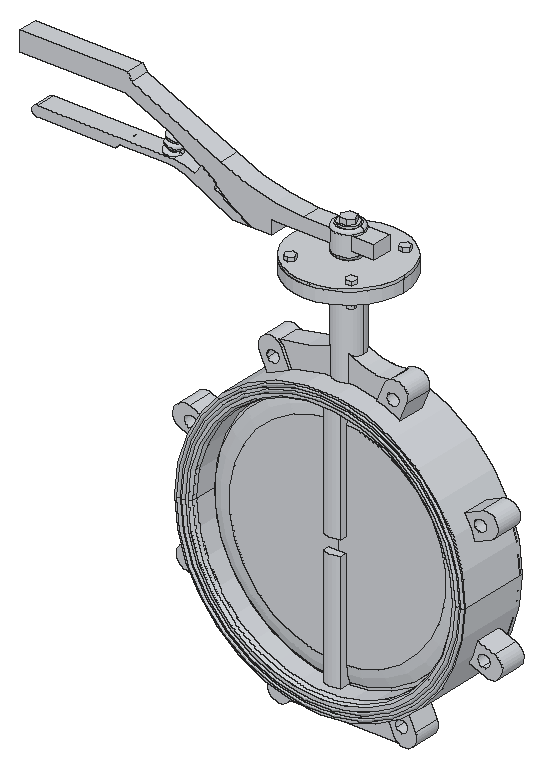
Revit family "R59FLX015", category Plumbing Fixtures, Revit 2015
Reference planes
  plane 1 "Center (Front/Back)": y = 0
  plane 2: z = 0
  plane 3 "Center (Left/Right)": x = 0
  plane 4: z = 202
  plane 5: x = -260
  plane 6: z = 279
  plane 7: z = -132
  plane 8: z = -30
  plane 9: z = 232
  plane 10: y = -28.488
  plane 11: y = 28.012
Forms (mm)
  Extrusion 1, solid
    sketch origin (0, 0, 192) x (1, 0, 0) y (0, 1, 0)
      loop
        circle (0, 0) r 45
    from 0 to 10
  Extrusion 2, solid
    sketch origin (0, 45.948, -78.573) x (1, 0, 0) y (0, 0, 1)
      loop
        arc (-96.679, 319.319) -> (-132.67, 336.792) -> (-169.654, 352.049) r 659.286
        line (-169.654, 352.049) -> (-172.843, 357.573) -> (-260, 357.573) -> (-260, 341.853) -> (-174.471, 341.853)
        arc (-174.471, 341.853) -> (-122.152, 316.93) -> (-77.024, 280.573) r 248.649
        line (-77.024, 280.573) -> (-55.568, 280.573) -> (-55.568, 291.199) -> (26.878, 291.199) -> (26.878, 302.179) -> (-30.767, 302.179)
        arc (-30.767, 302.179) -> (-64.704, 306.978) -> (-96.679, 319.319) r 150.722
    from 37.966 to 54.11
  Extrusion 3, solid
    sketch origin (-37.783, 45.948, -148.087) x (1, 0, 0) y (0, 0, 1)
      loop
        line (-98.516, 377.301) -> (-208.006, 377.301)
        arc (-208.006, 377.301) -> (-212.274, 373.033) -> (-208.006, 368.766) r 4.268
        line (-208.006, 368.766) -> (-144.475, 368.766) -> (-140.939, 372.301) -> (-103.305, 372.301)
        arc (-103.305, 372.301) -> (-95.507, 371.471) -> (-88.058, 369.019) r 37.057
        arc (-88.058, 369.019) -> (-68.407, 360.05) -> (-49.241, 350.087) r 421.945
        line (-49.241, 350.087) -> (-34.866, 350.087)
        arc (-34.866, 350.087) -> (-48.985, 359.43) -> (-64, 367.252) r 162.429
        line (-64, 367.252) -> (-63.437, 371.843) -> (-74.98, 380.231) -> (-80.609, 372.485)
        arc (-80.609, 372.485) -> (-89.36, 375.646) -> (-98.516, 377.301) r 55.494
    from 37.966 to 54.11
  Extrusion 4, solid
    sketch origin (0, 0, -76.95) x (1, 0, 0) y (0, 1, 0)
      loop
        circle (0, 0) r 12
    from 189.916 to 268.95
  Revolve 5, solid
    sketch origin (0, 0, 0) x (0, 1, 0) y (0, 0, 1)
      loop
        line (11.11, 0) -> (-11.11, 0) -> (-11.11, -87.859)
        arc (-11.11, -87.859) -> (-10.226, -95.008) -> (-8, -101.859) r 37.743
        line (-8, -101.859) -> (-6, -101.859) -> (-6, -104.859) -> (0, -104.859) -> (6, -104.859) -> (6, -101.859) -> (8, -101.859)
        arc (8, -101.859) -> (10.226, -95.008) -> (11.11, -87.859) r 37.743
        line (11.11, -87.859) -> (11.11, 0)
      axis (11.11, 0) -> (-11.11, 0)
    angle from 0 to 360
  Blend 6, solid
    base sketch origin (0, 0, -4.163) x (1, 0, 0) y (0, 1, 0)
      loop
        line (-6.883, 16.4) -> (-6.883, -16.4)
        arc (-6.883, -16.4) -> (0, -18.078) -> (6.883, -16.4) r 14.953
        line (6.883, -16.4) -> (6.883, 16.4)
        arc (6.883, 16.4) -> (0, 18.078) -> (-6.883, 16.4) r 14.953
    top sketch origin (0, 0, 0) x (1, 0, 0) y (0, 1, 0)
      loop
        line (-6.883, 16.4) -> (-6.883, -16.4)
        arc (-6.883, -16.4) -> (0, -18.078) -> (6.883, -16.4) r 14.953
        line (6.883, -16.4) -> (6.883, 16.4)
        arc (6.883, 16.4) -> (0, 18.078) -> (-6.883, 16.4) r 14.953
    from 10.163 to 101.689
  Blend 7, solid
    base sketch origin (0, 0, -38.601) x (0, -1, 0) y (1, 0, 0)
      loop
        line (-16.4, -6.883) -> (16.4, -6.883)
        arc (16.4, -6.883) -> (18.078, 0) -> (16.4, 6.883) r 14.953
        line (16.4, 6.883) -> (-16.4, 6.883)
        arc (-16.4, 6.883) -> (-18.078, 0) -> (-16.4, -6.883) r 14.953
    top sketch origin (0, 0, -35.117) x (0, -1, 0) y (1, 0, 0)
      loop
        line (-16.4, -6.883) -> (16.4, -6.883)
        arc (16.4, -6.883) -> (18.078, 0) -> (16.4, 6.883) r 14.953
        line (16.4, 6.883) -> (-16.4, 6.883)
        arc (-16.4, 6.883) -> (-18.078, 0) -> (-16.4, -6.883) r 14.953
    from -63.702 to 29.117
  Extrusion 8, solid
    sketch origin (-23.545, 0, 49.172) x (0.99863, 0, -0.052336) y (0.052336, 0, 0.99863)
      loop
        line (-18.251, 60.114) -> (-25.459, 74.264)
        arc (-25.459, 74.264) -> (-38.908, 78.635) -> (-43.28, 65.186) r 10
        line (-43.28, 65.186) -> (-36.072, 51.036) -> (-18.251, 60.114)
      loop
        circle (-32.1, 65.269) r 5
    from -10.546 to 10.991
  Extrusion 9, solid
    sketch origin (18.121, 0, 51.419) x (0.669131, 0, -0.743145) y (0.743145, 0, 0.669131)
      loop
        line (-18.251, 60.114) -> (-25.459, 74.264)
        arc (-25.459, 74.264) -> (-38.908, 78.635) -> (-43.28, 65.186) r 10
        line (-43.28, 65.186) -> (-36.072, 51.036) -> (-18.251, 60.114)
      loop
        circle (-32.1, 65.269) r 5
    from -10.546 to 10.991
  Extrusion 10, solid
    sketch origin (49.172, 0, 23.545) x (-0.052336, 0, -0.99863) y (0.99863, 0, -0.052336)
      loop
        line (-18.251, 60.114) -> (-25.459, 74.264)
        arc (-25.459, 74.264) -> (-38.908, 78.635) -> (-43.28, 65.186) r 10
        line (-43.28, 65.186) -> (-36.072, 51.036) -> (-18.251, 60.114)
      loop
        circle (-32.1, 65.269) r 5
    from -10.546 to 10.991
  Extrusion 11, solid
    sketch origin (51.419, 0, -18.121) x (-0.743145, 0, -0.669131) y (0.669131, 0, -0.743145)
      loop
        line (-18.251, 60.114) -> (-25.459, 74.264)
        arc (-25.459, 74.264) -> (-38.908, 78.635) -> (-43.28, 65.186) r 10
        line (-43.28, 65.186) -> (-36.072, 51.036) -> (-18.251, 60.114)
      loop
        circle (-32.1, 65.269) r 5
    from -10.546 to 10.991
  Extrusion 12, solid
    sketch origin (23.545, 0, -49.172) x (-0.99863, 0, 0.052336) y (-0.052336, 0, -0.99863)
      loop
        line (-18.251, 60.114) -> (-25.459, 74.264)
        arc (-25.459, 74.264) -> (-38.908, 78.635) -> (-43.28, 65.186) r 10
        line (-43.28, 65.186) -> (-36.072, 51.036) -> (-18.251, 60.114)
      loop
        circle (-32.1, 65.269) r 5
    from -10.546 to 10.991
  Extrusion 13, solid
    sketch origin (-18.121, 0, -51.419) x (-0.669131, 0, 0.743145) y (-0.743145, 0, -0.669131)
      loop
        line (-18.251, 60.114) -> (-25.459, 74.264)
        arc (-25.459, 74.264) -> (-38.908, 78.635) -> (-43.28, 65.186) r 10
        line (-43.28, 65.186) -> (-36.072, 51.036) -> (-18.251, 60.114)
      loop
        circle (-32.1, 65.269) r 5
    from -10.546 to 10.991
  Extrusion 14, solid
    sketch origin (-49.172, 0, -23.545) x (0.052336, 0, 0.99863) y (-0.99863, 0, 0.052336)
      loop
        line (-18.251, 60.114) -> (-25.459, 74.264)
        arc (-25.459, 74.264) -> (-38.908, 78.635) -> (-43.28, 65.186) r 10
        line (-43.28, 65.186) -> (-36.072, 51.036) -> (-18.251, 60.114)
      loop
        circle (-32.1, 65.269) r 5
    from -10.546 to 10.991
  Extrusion 15, solid
    sketch origin (-51.419, 0, 18.121) x (0.743145, 0, 0.669131) y (-0.669131, 0, 0.743145)
      loop
        line (-18.251, 60.114) -> (-25.459, 74.264)
        arc (-25.459, 74.264) -> (-38.908, 78.635) -> (-43.28, 65.186) r 10
        line (-43.28, 65.186) -> (-36.072, 51.036) -> (-18.251, 60.114)
      loop
        circle (-32.1, 65.269) r 5
    from -10.546 to 10.991
  Extrusion 16, solid
    sketch origin (99.126, -27.447, 204) x (0, -1, 0) y (1, 0, 0)
      loop
        line (3.99, -123.113) -> (0.805, -120.344) -> (-3.184, -121.718) -> (-3.99, -125.86) -> (-0.805, -128.628) -> (3.184, -127.254) -> (3.99, -123.113)
    from 0 to 3
  Extrusion 17, solid
    sketch origin (99.126, -27.447, 184) x (0, -1, 0) y (1, 0, 0)
      loop
        circle (0, -124.486) r 3
    from 2.505 to 20
  Extrusion 18, solid
    sketch origin (99.126, -27.447, 191) x (0, -1, 0) y (1, 0, 0)
      loop
        line (3.99, -123.113) -> (0.805, -120.344) -> (-3.184, -121.718) -> (-3.99, -125.86) -> (-0.805, -128.628) -> (3.184, -127.254) -> (3.99, -123.113)
      loop
        line (-3.444, -125.672) -> (-0.695, -128.061) -> (2.749, -126.876) -> (3.444, -123.301) -> (0.695, -120.911) -> (-2.749, -122.097) -> (-3.444, -125.672)
    from -1.968 to 1
  Extrusion 19, solid, not visible
    sketch origin (26.117, -96.518, 104.233) x (0, -1, 0) y (1, 0, 0)
      loop
        line (3.99, -123.113) -> (0.805, -120.344) -> (-3.184, -121.718) -> (-3.99, -125.86) -> (-0.805, -128.628) -> (3.184, -127.254) -> (3.99, -123.113)
    from 0 to 3
  Extrusion 20, solid, not visible
    sketch origin (26.117, -96.518, 84.233) x (0, -1, 0) y (1, 0, 0)
      loop
        circle (0, -124.486) r 3
    from 2.505 to 20
  Extrusion 21, solid, not visible
    sketch origin (26.117, -96.518, 91.233) x (0, -1, 0) y (1, 0, 0)
      loop
        line (3.99, -123.113) -> (0.805, -120.344) -> (-3.184, -121.718) -> (-3.99, -125.86) -> (-0.805, -128.628) -> (3.184, -127.254) -> (3.99, -123.113)
      loop
        line (-3.444, -125.672) -> (-0.695, -128.061) -> (2.749, -126.876) -> (3.444, -123.301) -> (0.695, -120.911) -> (-2.749, -122.097) -> (-3.444, -125.672)
    from -1.968 to 1
  Extrusion 22, solid
    sketch origin (0, 0, 202) x (1, 0, 0) y (0, 1, 0)
      loop
        circle (0, 0) r 45
    from 0 to 2
  Extrusion 23, solid
    sketch origin (99.126, -27.447, 204) x (0, -1, 0) y (1, 0, 0)
      loop
        line (-58.884, -123.113) -> (-58.079, -127.254) -> (-54.09, -128.628) -> (-50.905, -125.86) -> (-51.71, -121.718) -> (-55.7, -120.344) -> (-58.884, -123.113)
    from 0 to 3
  Extrusion 24, solid
    sketch origin (99.126, -27.447, 184) x (0, -1, 0) y (1, 0, 0)
      loop
        circle (-54.895, -124.486) r 3
    from 2.505 to 20
  Extrusion 25, solid
    sketch origin (99.126, -27.447, 191) x (0, -1, 0) y (1, 0, 0)
      loop
        line (-58.884, -123.113) -> (-58.079, -127.254) -> (-54.09, -128.628) -> (-50.905, -125.86) -> (-51.71, -121.718) -> (-55.7, -120.344) -> (-58.884, -123.113)
      loop
        line (-51.451, -125.672) -> (-52.146, -122.097) -> (-55.59, -120.911) -> (-58.339, -123.301) -> (-57.644, -126.876) -> (-54.2, -128.061) -> (-51.451, -125.672)
    from -1.968 to 1
  Extrusion 26, solid
    sketch origin (-100.376, 27.447, 204) x (0, 1, 0) y (-1, 0, 0)
      loop
        line (-58.884, -123.113) -> (-58.079, -127.254) -> (-54.09, -128.628) -> (-50.905, -125.86) -> (-51.71, -121.718) -> (-55.7, -120.344) -> (-58.884, -123.113)
    from 0 to 3
  Extrusion 27, solid
    sketch origin (-100.376, 27.447, 184) x (0, 1, 0) y (-1, 0, 0)
      loop
        circle (-54.895, -124.486) r 3
    from 2.505 to 20
  Extrusion 28, solid
    sketch origin (-100.376, 27.447, 191) x (0, 1, 0) y (-1, 0, 0)
      loop
        line (-58.884, -123.113) -> (-58.079, -127.254) -> (-54.09, -128.628) -> (-50.905, -125.86) -> (-51.71, -121.718) -> (-55.7, -120.344) -> (-58.884, -123.113)
      loop
        line (-51.451, -125.672) -> (-52.146, -122.097) -> (-55.59, -120.911) -> (-58.339, -123.301) -> (-57.644, -126.876) -> (-54.2, -128.061) -> (-51.451, -125.672)
    from -1.968 to 1
  Extrusion 29, solid
    sketch origin (-100.376, 27.447, 204) x (0, 1, 0) y (-1, 0, 0)
      loop
        line (3.99, -123.113) -> (0.805, -120.344) -> (-3.184, -121.718) -> (-3.99, -125.86) -> (-0.805, -128.628) -> (3.184, -127.254) -> (3.99, -123.113)
    from 0 to 3
  Extrusion 30, solid
    sketch origin (-100.376, 27.447, 184) x (0, 1, 0) y (-1, 0, 0)
      loop
        circle (0, -124.486) r 3
    from 2.505 to 20
  Extrusion 31, solid
    sketch origin (-100.376, 27.447, 191) x (0, 1, 0) y (-1, 0, 0)
      loop
        line (3.99, -123.113) -> (0.805, -120.344) -> (-3.184, -121.718) -> (-3.99, -125.86) -> (-0.805, -128.628) -> (3.184, -127.254) -> (3.99, -123.113)
      loop
        line (-3.444, -125.672) -> (-0.695, -128.061) -> (2.749, -126.876) -> (3.444, -123.301) -> (0.695, -120.911) -> (-2.749, -122.097) -> (-3.444, -125.672)
    from -1.968 to 1
  Extrusion 32, solid
    sketch origin (125.063, -27.447, 229.144) x (0, -1, 0) y (1, 0, 0)
      loop
        line (-32.638, -122.069) -> (-32.638, -128.062) -> (-27.447, -131.059) -> (-22.257, -128.062) -> (-22.257, -122.069) -> (-27.447, -119.072) -> (-32.638, -122.069)
    from -1.014 to 2.856
  Extrusion 33, solid
    sketch origin (124.477, -54.895, 224.2) x (0, -1, 0) y (1, 0, 0)
      loop
        circle (-54.895, -124.486) r 8
    from -22.2 to 3.931
  Sweep 34, solid
    path origin (0, 0, 0) x (1, 0, 0) y (0, 0, 1)
      loop
        circle (0, 0) r 118
    profile origin (0, 0, -118) x (0, 0, 1) y (0, -1, 0)
      loop
        line (13.454, -22.173) -> (13.454, 22.649) -> (12.517, 26.146) -> (10.888, 28.488) -> (8.03, 28.488)
        arc (8.03, 28.488) -> (7.017, 29.502) -> (6.003, 28.488) r 1.014
        line (6.003, 28.488) -> (3.792, 28.488)
        arc (3.792, 28.488) -> (2.779, 29.502) -> (1.765, 28.488) r 1.014
        line (1.765, 28.488) -> (0, 28.488) -> (0, -28.012) -> (1.765, -28.012)
        arc (1.765, -28.012) -> (2.779, -29.026) -> (3.792, -28.012) r 1.014
        line (3.792, -28.012) -> (6.003, -28.012)
        arc (6.003, -28.012) -> (7.017, -29.026) -> (8.03, -28.012) r 1.014
        line (8.03, -28.012) -> (10.888, -28.012) -> (12.517, -25.67) -> (13.454, -22.173)
  Extrusion 35, solid
    sketch origin (0, 0, 52.465) x (1, 0, 0) y (0, 0, 1)
      loop
        line (-40.68, 57.237) -> (33.443, 57.237) -> (41.819, 79.049)
        arc (41.819, 79.049) -> (20.604, 80.114) -> (1.583, 89.569) r 52.027
        line (1.583, 89.569) -> (1.583, 72.112) -> (-1.691, 72.112) -> (-1.691, 88.638)
        arc (-1.691, 88.638) -> (-25.119, 81.168) -> (-49.27, 76.538) r 206.352
        line (-49.27, 76.538) -> (-40.68, 57.237)
    from -7.881 to 9.454
  Extrusion 36, solid
    sketch origin (-2.813, 0.293, -41.182) x (1, 0, 0) y (0, 0, 1)
      loop
        line (52.651, -88.641) -> (43.835, -68.839) -> (-30.192, -68.839) -> (-37.796, -88.641) -> (52.651, -88.641)
    from -9.388 to 9.974
  Revolve 37, solid
    sketch origin (0, 0, 62) x (1, 0, 0) y (0, 0, 1)
      loop
        line (-9.486, 143.746) -> (0, 143.746) -> (0, 165) -> (-9.486, 165)
        arc (-9.486, 165) -> (-11.259, 164.265) -> (-11.994, 162.492) r 2.508
        line (-11.994, 162.492) -> (-11.994, 146.254)
        arc (-11.994, 146.254) -> (-11.259, 144.481) -> (-9.486, 143.746) r 2.508
      axis (0, 143.746) -> (0, 165)
    angle from 0 to 360
  Sweep 38, solid
    path origin (-48.156, 0, 228.496) x (0.978732, 0, -0.205142) y (0, 1, 0)
      loop
        circle (-92.344, 0) r 5
    profile origin (-138.536, 5, 247.439) x (0, -1, 0) y (0.205142, 0, 0.978732)
      loop
        circle (0, 0) r 2
  Sweep 39, solid
    path origin (-49.24, 0, 222.236) x (0.978732, 0, -0.205142) y (0, 1, 0)
      loop
        circle (-92.344, 0) r 5
    profile origin (-139.62, 5, 241.18) x (0, -1, 0) y (0.205142, 0, 0.978732)
      loop
        circle (0, 0) r 2
  Sweep 40, solid
    path origin (-50.258, 0, 216.62) x (0.978732, 0, -0.205142) y (0, 1, 0)
      loop
        circle (-92.344, 0) r 5
    profile origin (-140.638, 5, 235.564) x (0, -1, 0) y (0.205142, 0, 0.978732)
      loop
        circle (0, 0) r 2
  Sweep 41, solid
    path origin (-51.686, 0, 209.994) x (0.978732, 0, -0.205142) y (0, 1, 0)
      loop
        circle (-92.344, 0) r 5
    profile origin (-142.066, 5, 228.938) x (0, -1, 0) y (0.205142, 0, 0.978732)
      loop
        circle (0, 0) r 2
Dimensions and locks
  plane 2 to plane 4 = 202 mm
  plane 3 "Center (Left/Right)" to plane 5 = 260 mm
  level to plane 6 = 279 mm
  plane 7 to level = 132 mm
  locked: plane 4 to plane 9 at 30
  plane 11 to plane 10 = 56.5 mm
  aligned and locked: level to plane 2
